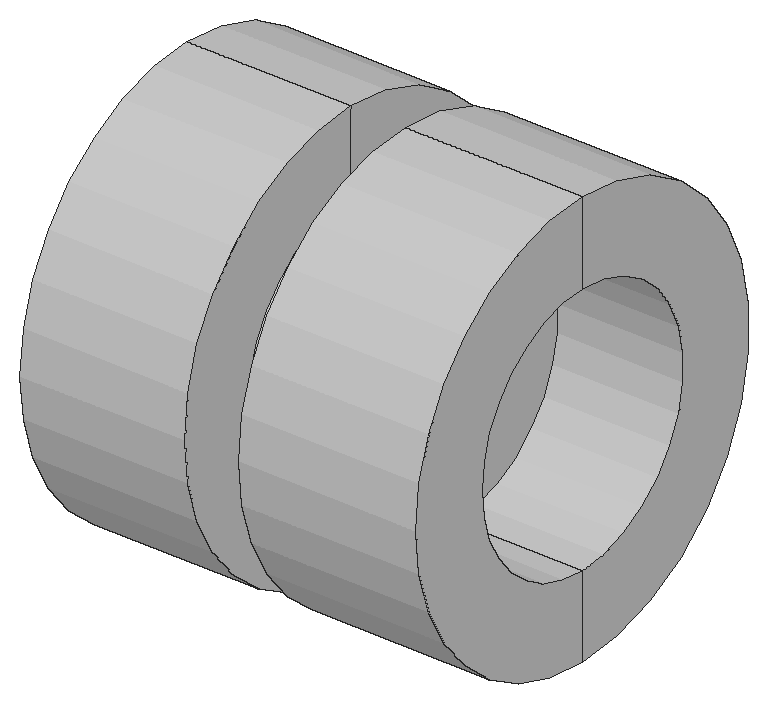
Revit family "6220 71_Anschlussverschraubung", category Rohrformteile, Revit 2021
Family settings
  Bemaßung runder Anschluss = Durchmesser verwenden
  Teiletyp = Verbindung
  OmniClass-Nummer = 23.65.55.14
  OmniClass-Titel = Valves for Liquid Services
  Arbeitsebenenbasiert = Nein
  Immer vertikal = Ja
  Beim Laden mit Abzugskörper schneiden = Nein
  Gemeinsam genutzt = Nein
Parameters (values of type "G3/4 x G3/4")
  Vorgabe-Ansicht = 0.00 mm
  URL = "www.herz-armaturen.at"
  SCRNSEQ = "AWI;AWI_TYP=\"1001\";2"
  SCRNCODE = "07;01;02"  # constant formula
  S02 = 8.00 mm  # constant formula
  S01 [instance] = GT  # 7.00 mm
  O-Ring = "EPDM"  # constant formula
  Nennweite [instance] = 20.00 mm  # constant formula
  Mutter = "Messing CW614N, vernickelt"  # constant formula
  Max. Betriebstemperatur = 110 °C  # constant formula
  Max. Betriebsdruck = 1000000.0 Pa  # constant formula
  Medium = "Heizungswasser nach ÖNORM H5195 oder VDI- Richtlinie 2035.\r\nDie Verwendung von Ethylen- oder Propyleneglykol in einem Mischungsverhältnis 25- 50% ist zulässig."
  L02 [instance] = 14.00 mm  # constant formula
  Hinweiß = "Der O-Ring dient als zusätzliche Dichtung, bei Verlust ist der Anschlussverschraubung metallisch dichtend."
  GT1 [instance] = 10.00 mm  # constant formula
  GT [instance] = 7.00 mm  # constant formula
  L01 [instance] = 13.00 mm  # constant formula
  L00 [instance] = 31.30 mm  # constant formula
  Hersteller = "HERZ Armaturen Ges.m.b.H."  # constant formula
  Flachdichtung = "Klinger SIL-C4400"  # constant formula
  D04 [instance] = 10.00 mm  # constant formula
  Bestellnummer = 1622071  # constant formula
  D03 [instance] = 16.50 mm  # constant formula
  D02 [instance] = 10.20 mm  # constant formula
  D01 [instance] = 10.00 mm  # constant formula
  D00 [instance] = 16.50 mm  # constant formula
  Ausführung = "Anschlussverschraubung mit freidrehender Überwurfmutter beidseitig, konisch dichtend x flachdichtend."
  Verschraubung = "Messing CW614N, vernickelt"  # constant formula
Reference planes
  plane 1 "Mitte (Vorne/hinten)": y = 0
  plane 2: z = 0
  plane 3 "Mitte (Links/rechts)": x = 0
Forms (mm)
  Revolve 1, solid, material "Messing, vernickelt", detail levels fine
    sketch origin (0, 0, 0) x (1, 0, 0) y (0, 0, 1)
      loop
        line (0, 10) -> (7, 10) -> (7, 0) -> (21.3, 0) -> (21.3, 10) -> (31.3, 10) -> (31.3, 16.5) -> (17.3, 16.5) -> (17.3, 10.2) -> (13, 10.2) -> (13, 16.5) -> (0, 16.5) -> (0, 10)
      axis (0, 0) -> (31.3, 0)
    angle from 0 to 360
Lines and regions (mm)
  model lines, detail levels coarse+medium
    curve 1: line (0, 0, 0) -> (31.3, 0, 0)
    curve 2: line (7, 0, 16.5) -> (7, 0, -16.5)
    curve 3: line (7, 0, -16.5) -> (15, 0, -16.5)
    curve 4: line (15, 0, -16.5) -> (7, 0, 0)
    curve 5: line (7, 0, 16.5) -> (15, 0, 16.5)
    curve 6: line (15, 0, 16.5) -> (7, 0, 0)
    curve 7: line (7, 16.5, 0) -> (7, -16.5, 0)
    curve 8: line (7, -16.5, 0) -> (15, -16.5, 0)
    curve 9: line (15, -16.5, 0) -> (7, 0, 0)
    curve 10: line (7, 16.5, 0) -> (15, 16.5, 0)
    curve 11: line (15, 16.5, 0) -> (7, 0, 0)
Dimensions and locks
  "L01": Revolve 1 sketch curve to plane 3 "Mitte (Links/rechts)"
  "L00": Revolve 1 sketch curve to plane 3 "Mitte (Links/rechts)"
  "D00": Revolve 1 sketch curve to plane 2
  "L02": Revolve 1 sketch curve to Revolve 1 sketch curve
  "D01": Revolve 1 sketch curve to plane 2
  "D02": Revolve 1 sketch curve to plane 2
  "D03": Revolve 1 sketch curve to plane 2
  "GT": Revolve 1 sketch curve to plane 3 "Mitte (Links/rechts)"
  "L00": curve 1 to curve 1
  "S01": curve 2 to plane 3 "Mitte (Links/rechts)"
  "S02": curve 2 to curve 6
  "S02": curve 2 to curve 4
  "S01": curve 1 to curve 7
  "S02": curve 7 to curve 11
  "S02": curve 7 to curve 9
  "D00": curve 8 to plane 1 "Mitte (Vorne/hinten)" to curve 10
  "D00": curve 5 to plane 2 to curve 3
  "D04": Revolve 1 sketch curve to plane 2
  "GT1": Revolve 1 sketch curve to Revolve 1 sketch curve
  aligned and locked: level to plane 2
Automatic sketch dimensions
  curve 1 to level = 0.00 mm
  curve 1 to plane 3 "Mitte (Links/rechts)" = 0.00 mm
  curve 4 to level = 0.00 mm
  curve 6 to curve 4 = 0.00 mm
  plane 1 "Mitte (Vorne/hinten)" to curve 9 = 0.00 mm
  plane 1 "Mitte (Vorne/hinten)" to curve 11 = 0.00 mm
  Revolve 1 sketch curve to level = 0.00 mm  (x2)
  Revolve 1 sketch curve to plane 3 "Mitte (Links/rechts)" = 0.00 mm
  Revolve 1 sketch curve to plane 3 "Mitte (Links/rechts)" = 1506.53 mm
  Revolve 1 sketch curve to Revolve 1 sketch curve = 1811.148 mm
Connectors
  piping at (7, 0, 0), diameter 20, driven by "Nennweite"
    settings: on Revolve 1, index 1, connector inside diameter 609.6 mm, connector length 0.00 mm, flow factor 0, pipe flow 0.0 L/s, pressure drop 0.0 Pa, fitting loss kfactor 0, connector angle 0.00°, fixture units 0, engagement length 0.00 mm, angle of deflection 0.00°, flow configuration 0, flow direction 0, fitting loss method 0, system type 29, joint type 0, gender type 0, connector reference index -1, connector utility 0, adjustable connector no, is connector primary yes, connector description ""
  piping at (21.3, 0, 0), diameter 20, driven by "Nennweite"
    settings: on Revolve 1, index 2, connector inside diameter 609.6 mm, connector length 0.00 mm, flow factor 0, pipe flow 0.0 L/s, pressure drop 0.0 Pa, fitting loss kfactor 0, connector angle 0.00°, fixture units 0, engagement length 0.00 mm, angle of deflection 0.00°, flow configuration 0, flow direction 0, fitting loss method 0, system type 29, joint type 0, gender type 0, connector reference index -1, connector utility 0, adjustable connector no, is connector primary no, connector description ""
